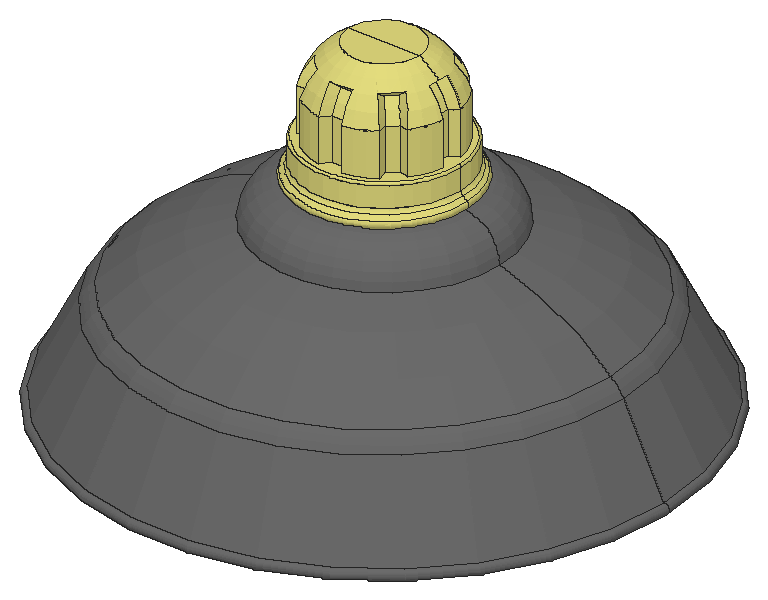
Revit family "WC514 SHADE  ", category Lighting Fixtures, Revit 2024
Family settings
  Round Connector Dimension = Use Diameter
  Part Type = Normal
  OmniClass Number = 23.80.70.00
  OmniClass Title = Lighting
  Work Plane-Based = No
  Always vertical = Yes
  Cut with Voids When Loaded = No
  Light Source = Yes
  Maintain Annotation Orientation = No
  Shared = No
  Room Calculation Point = No
Parameters
  Wattage = 12.1178 W
  built-in parameter 1150110 = 1 (stored number, unit not read)
  built-in parameter 1114217 = 1 (stored number, unit not read)
  built-in parameter 1150109 = 1 (stored number, unit not read)
  built-in parameter 1150134 = (empty or 0)
  built-in parameter 1150113 = 1 (stored number, unit not read)
  Lumens = 1800 lm
  built-in parameter 1150115 = 1 (stored number, unit not read)
  built-in parameter 1150105 = 572.96 (stored number, unit not read)
  Light Source Symbol Size = 2' - 0"
  built-in parameter 1150137 = (empty or 0)
  built-in parameter 1150139 = (empty or 0)
  built-in parameter 1150112 = 1 (stored number, unit not read)
  built-in parameter 1150114 = 1 (stored number, unit not read)
  built-in parameter 1150132 = 2
  built-in parameter 1150102 = (empty or 0)
  built-in parameter 1150138 = (empty or 0)
  built-in parameter 1150107 = 3000 (stored number, unit not read)
  built-in parameter 1150106 = 5.7296 (stored number, unit not read)
  built-in parameter 1150104 = 13.8 (stored number, unit not read)
  Dimming Lamp Color Temperature Shift = (empty or 0)
  Default Elevation = 0' - 0"
  Color Filter = 16777215
  built-in parameter 1114218 = 1 (stored number, unit not read)
  built-in parameter 1150133 = 10 (stored number, unit not read)
Reference planes (in)
  plane 1 "Light Source Axis (F/B)": y = 0
  plane 2: z = 0
  plane 3 "Light Source Axis (L/R)": x = 0
  plane 4 "Light Source Elevation": z = 84
Forms (in)
  Revolve 1, solid
    sketch origin (0, 0, 0) x (1, 0, 0) y (0, 0, 1)
      loop
        arc (-6.89864, 84.00225) -> (-6.34345, 85.07584) -> (-5.79915, 86.15498) r 119.52912
        arc (-5.79915, 86.15498) -> (-5.67337, 86.34631) -> (-5.50589, 86.50244) r 0.96064
        arc (-5.50589, 86.50244) -> (-4.23032, 87.43112) -> (-2.76059, 88.00508) r 6.15638
        arc (-2.76059, 88.00508) -> (-2.54154, 88.61175) -> (-1.96746, 88.90579) r 0.87945
        line (-1.96746, 88.90579) -> (-1.96746, 88.99995)
        arc (-1.96746, 88.99995) -> (-2.58313, 88.70497) -> (-2.85354, 88.07813) r 0.9732
        arc (-2.85354, 88.07813) -> (-4.30456, 87.49726) -> (-5.56608, 86.57455) r 6.25013
        arc (-5.56608, 86.57455) -> (-5.74697, 86.40445) -> (-5.88307, 86.19677) r 1.05439
        arc (-5.88307, 86.19677) -> (-6.37458, 85.22112) -> (-6.875, 84.25) r 119.43537
        arc (-6.875, 84.25) -> (-6.99943, 84.13687) -> (-6.89864, 84.00225) r 0.125
      axis (0, 88.99995) -> (0, 84.00225)
    angle from 0 to 360
  Revolve 2, solid
    sketch origin (0, 0, 0) x (1, 0, 0) y (0, 0, 1)
      loop
        line (-1.96746, 88.99995) -> (-1.6875, 89.34254) -> (0, 89.34254) -> (0, 91.99995) -> (-0.86178, 91.99995)
        arc (-0.86178, 91.99995) -> (-1.37784, 91.57368) -> (-1.6875, 90.98027) r 1.68691
        line (-1.6875, 90.98027) -> (-1.6875, 89.93727) -> (-1.82925, 89.93727)
        arc (-1.82925, 89.93727) -> (-1.86205, 89.91833) -> (-1.875, 89.88274) r 0.05537
        line (-1.875, 89.88274) -> (-1.875, 89.38274)
        arc (-1.875, 89.38274) -> (-1.89804, 89.32512) -> (-1.93642, 89.27636) r 0.21742
        arc (-1.93642, 89.27636) -> (-1.98527, 89.2287) -> (-2.03294, 89.17984) r 2.77742
        arc (-2.03294, 89.17984) -> (-2.05596, 89.0696) -> (-1.96746, 88.99995) r 0.10687
      axis (0, 91.99995) -> (0, 88.99995)
    angle from 0 to 360
  Sweep 3, void
    path origin (0, 0, 0) x (1, 0, 0) y (0, 0, 1)
      loop
        line (-1.6875, 89.93727) -> (-1.6875, 90.98027)
        arc (-1.6875, 90.98027) -> (-1.54734, 91.3221) -> (-1.33573, 91.62495) r 1.67699
    profile origin (-1.6875, 0, 90.45877) x (-1, 0, 0) y (0, -1, 0)
      loop
        line (0.25, 0.14434) -> (0, 0.28868) -> (-0.25, 0.14434) -> (-0.25, -0.14434) -> (0, -0.28868) -> (0.25, -0.14434) -> (0.25, 0.14434)
  Sweep 4, void
    path origin (0, 0, 0) x (0.707107, -0.707107, 0) y (0, 0, 1)
      loop
        line (-1.6875, 89.93727) -> (-1.6875, 90.98027)
        arc (-1.6875, 90.98027) -> (-1.54734, 91.3221) -> (-1.33573, 91.62495) r 1.67699
    profile origin (-1.19324, 1.19324, 90.45877) x (-0.707107, 0.707107, 0) y (-0.707107, -0.707107, 0)
      loop
        line (0.25, 0.14434) -> (0, 0.28868) -> (-0.25, 0.14434) -> (-0.25, -0.14434) -> (0, -0.28868) -> (0.25, -0.14434) -> (0.25, 0.14434)
  Sweep 5, void
    path origin (0, 0, 0) x (0.707107, 0.707107, 0) y (0, 0, 1)
      loop
        line (-1.6875, 89.93727) -> (-1.6875, 90.98027)
        arc (-1.6875, 90.98027) -> (-1.54734, 91.3221) -> (-1.33573, 91.62495) r 1.67699
    profile origin (-1.19324, -1.19324, 90.45877) x (-0.707107, -0.707107, 0) y (0.707107, -0.707107, 0)
      loop
        line (0.25, 0.14434) -> (0, 0.28868) -> (-0.25, 0.14434) -> (-0.25, -0.14434) -> (0, -0.28868) -> (0.25, -0.14434) -> (0.25, 0.14434)
  Sweep 6, void
    path origin (0, 0, 0) x (0, 1, 0) y (0, 0, 1)
      loop
        line (-1.6875, 89.93727) -> (-1.6875, 90.98027)
        arc (-1.6875, 90.98027) -> (-1.54734, 91.3221) -> (-1.33573, 91.62495) r 1.67699
    profile origin (0, -1.6875, 90.45877) x (0, -1, 0) y (1, 0, 0)
      loop
        line (0.25, 0.14434) -> (0, 0.28868) -> (-0.25, 0.14434) -> (-0.25, -0.14434) -> (0, -0.28868) -> (0.25, -0.14434) -> (0.25, 0.14434)
  Sweep 7, void
    path origin (0, 0, 0) x (-0.707107, 0.707107, 0) y (0, 0, 1)
      loop
        line (-1.6875, 89.93727) -> (-1.6875, 90.98027)
        arc (-1.6875, 90.98027) -> (-1.54734, 91.3221) -> (-1.33573, 91.62495) r 1.67699
    profile origin (1.19324, -1.19324, 90.45877) x (0.707107, -0.707107, 0) y (0.707107, 0.707107, 0)
      loop
        line (0.25, 0.14434) -> (0, 0.28868) -> (-0.25, 0.14434) -> (-0.25, -0.14434) -> (0, -0.28868) -> (0.25, -0.14434) -> (0.25, 0.14434)
  Sweep 8, void
    path origin (0, 0, 0) x (-1, 0, 0) y (0, 0, 1)
      loop
        line (-1.6875, 89.93727) -> (-1.6875, 90.98027)
        arc (-1.6875, 90.98027) -> (-1.54734, 91.3221) -> (-1.33573, 91.62495) r 1.67699
    profile origin (1.6875, 0, 90.45877) x (1, 0, 0) y (0, 1, 0)
      loop
        line (0.25, 0.14434) -> (0, 0.28868) -> (-0.25, 0.14434) -> (-0.25, -0.14434) -> (0, -0.28868) -> (0.25, -0.14434) -> (0.25, 0.14434)
  Sweep 9, void
    path origin (0, 0, 0) x (-0.707107, -0.707107, 0) y (0, 0, 1)
      loop
        line (-1.6875, 89.93727) -> (-1.6875, 90.98027)
        arc (-1.6875, 90.98027) -> (-1.54734, 91.3221) -> (-1.33573, 91.62495) r 1.67699
    profile origin (1.19324, 1.19324, 90.45877) x (0.707107, 0.707107, 0) y (-0.707107, 0.707107, 0)
      loop
        line (0.25, 0.14434) -> (0, 0.28868) -> (-0.25, 0.14434) -> (-0.25, -0.14434) -> (0, -0.28868) -> (0.25, -0.14434) -> (0.25, 0.14434)
  Sweep 10, void
    path origin (0, 0, 0) x (0, -1, 0) y (0, 0, 1)
      loop
        line (-1.6875, 89.93727) -> (-1.6875, 90.98027)
        arc (-1.6875, 90.98027) -> (-1.54734, 91.3221) -> (-1.33573, 91.62495) r 1.67699
    profile origin (0, 1.6875, 90.45877) x (0, 1, 0) y (-1, 0, 0)
      loop
        line (0.25, 0.14434) -> (0, 0.28868) -> (-0.25, 0.14434) -> (-0.25, -0.14434) -> (0, -0.28868) -> (0.25, -0.14434) -> (0.25, 0.14434)
Cuts and joins
  Sweep 3, Sweep 4, Sweep 5, Sweep 6, Sweep 7, Sweep 8, Sweep 9, Sweep 10 cuts Revolve 2
Dimensions and locks (in)
  aligned and locked: plane 3 "Light Source Axis (L/R)" to imposter light
  aligned and locked: plane 1 "Light Source Axis (F/B)" to imposter light
  aligned and locked: plane 4 "Light Source Elevation" to imposter light
  aligned and locked: level to plane 2
